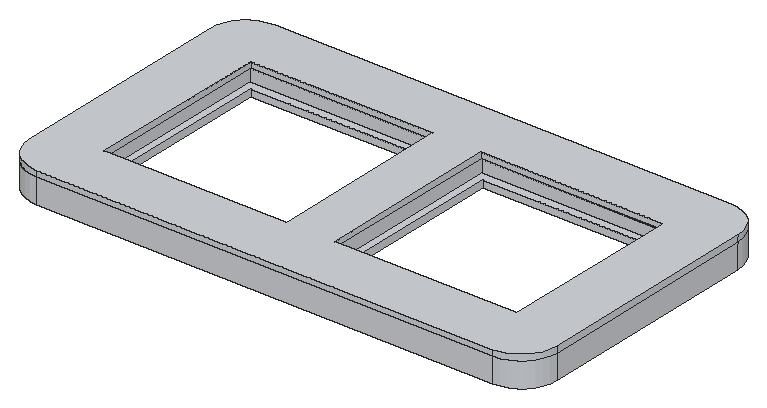
Revit family "Gira_0212416", category Electrical Fixtures, host Face, Revit 2017
Family settings
  Host = Face
  Maintain Annotation Orientation = No
  Round Connector Dimension = Use Diameter
  Part Type = Normal
  Cut with Voids When Loaded = No
  Shared = No
  Room Calculation Point = No
Parameters (values of type "Cov.fr. 2-g Gira E3 umber/p.white")
  URL = "http://katalog.gira.de/en/datenblatt.html?artikelnr=0212416"
  Transparent = "No"
  Name = "Cov.fr. 2-g Gira E3 umber/p.white"
  Manufacturer URL = "https://www.gira.de/"
  Manufacturer = "Gira"
  Keynote = ""
  HeinzeBIM = "https://bimportal.heinze.de/bim/cov-fr-2-g-gira-e3-umber-p-white/34c14b01feb8ce1e135fd2d30e3ffdfaabd96f49"
  HAN = "0212416"
  GTIN = "4010337024408"
  Description = "Cov.fr.2g E3 UmPw,Gira E3 cover frame,umber soft touch with pure white glossy intermediate frame,2-gang,Features:,- Shatter-proof.,,Notes :,- Soft-touch surface,- NCS value: approx. NCS S 7010-Y10R"
  Default Elevation = 1219.2 mm
  Data sheet (1) = "https://katalog.gira.de/en/download.html?artikelnr=0212416"
  Category = "Cover frame for domestic switching devices"
  BIM (1) = "https://media.stage.bim.site/public/gira/36a6b08/E3_Rahmen_2fach.rfa"
  Available = "No"
Reference planes
  plane 1 "Center (Front/Back)": y = 0
  plane 2: z = 0
  plane 3 "Center (Left/Right)": x = 0
Forms (mm)
  Extrusion 1, solid, detail levels fine
    sketch origin (0, 0, 0) x (1, 0, 0) y (0, 1, 0)
      loop
        arc (-70.35, 45.809) -> (-78.134, 42.585) -> (-81.359, 34.8) r 11.009
        line (-81.359, 34.8) -> (-81.359, -34.8)
        arc (-81.359, -34.8) -> (-78.134, -42.585) -> (-70.35, -45.809) r 11.009
        line (-70.35, -45.809) -> (70.35, -45.809)
        arc (70.35, -45.809) -> (78.135, -42.585) -> (81.359, -34.8) r 11.009
        line (81.359, -34.8) -> (81.359, 34.8)
        arc (81.359, 34.8) -> (78.135, 42.585) -> (70.35, 45.809) r 11.009
        line (70.35, 45.809) -> (-70.35, 45.809)
      loop
        line (-7.45, 28.187) -> (-63.706, 28.187) -> (-63.706, -28.187) -> (-7.45, -28.187) -> (-7.45, 28.187)
      loop
        line (7.45, 28.187) -> (7.45, -28.187) -> (63.706, -28.187) -> (63.706, 28.187) -> (7.45, 28.187)
    from 7.65 to 9.5
  Extrusion 2, solid, detail levels fine
    sketch origin (-35.75, 0, 0) x (1, 0, 0) y (0, 1, 0)
      loop
        line (25.7, 25.7) -> (-25.7, 25.7) -> (-25.7, -25.7) -> (25.7, -25.7) -> (25.7, 25.7)
      loop
        line (-28.187, -28.156) -> (28.187, -28.156) -> (28.187, 28.156) -> (-28.187, 28.156) -> (-28.187, -28.156)
    from 1.65 to 3.9
  Extrusion 3, solid, detail levels fine
    sketch origin (0, 0, 0) x (1, 0, 0) y (0, 1, 0)
      loop
        arc (-70.35, 45.809) -> (-78.134, 42.585) -> (-81.359, 34.8) r 11.009
        line (-81.359, 34.8) -> (-81.359, -34.8)
        arc (-81.359, -34.8) -> (-78.134, -42.585) -> (-70.35, -45.809) r 11.009
        line (-70.35, -45.809) -> (70.35, -45.809)
        arc (70.35, -45.809) -> (78.135, -42.585) -> (81.359, -34.8) r 11.009
        line (81.359, -34.8) -> (81.359, 34.8)
        arc (81.359, 34.8) -> (78.135, 42.585) -> (70.35, 45.809) r 11.009
        line (70.35, 45.809) -> (-70.35, 45.809)
      loop
        line (-79.393, 34.785) -> (-79.393, -34.785)
        arc (-79.393, -34.785) -> (-76.739, -41.19) -> (-70.334, -43.843) r 9.058
        line (-70.334, -43.843) -> (70.335, -43.843)
        arc (70.335, -43.843) -> (76.74, -41.19) -> (79.393, -34.785) r 9.058
        line (79.393, -34.785) -> (79.393, 34.785)
        arc (79.393, 34.785) -> (76.74, 41.19) -> (70.335, 43.843) r 9.058
        line (70.335, 43.843) -> (-70.334, 43.843)
        arc (-70.334, 43.843) -> (-76.739, 41.19) -> (-79.393, 34.785) r 9.058
    from 0 to 7.65
  Extrusion 4, solid, detail levels fine
    sketch origin (0, 0, 0) x (1, 0, 0) y (0, 1, 0)
      loop
        line (-62.956, -31.075) -> (62.956, -31.075)
        arc (62.956, -31.075) -> (65.599, -29.98) -> (66.694, -27.337) r 3.739
        line (66.694, -27.337) -> (66.694, 27.337)
        arc (66.694, 27.337) -> (65.599, 29.98) -> (62.956, 31.075) r 3.739
        line (62.956, 31.075) -> (-62.956, 31.075)
        arc (-62.956, 31.075) -> (-65.599, 29.98) -> (-66.694, 27.337) r 3.739
        line (-66.694, 27.337) -> (-66.694, -27.337)
        arc (-66.694, -27.337) -> (-65.599, -29.98) -> (-62.956, -31.075) r 3.739
      loop
        line (-65.544, 27.537) -> (-65.544, -27.537)
        arc (-65.544, -27.537) -> (-64.845, -29.226) -> (-63.156, -29.925) r 2.389
        line (-63.156, -29.925) -> (63.156, -29.925)
        arc (63.156, -29.925) -> (64.845, -29.226) -> (65.544, -27.537) r 2.389
        line (65.544, -27.537) -> (65.544, 27.537)
        arc (65.544, 27.537) -> (64.845, 29.226) -> (63.156, 29.925) r 2.389
        line (63.156, 29.925) -> (-63.156, 29.925)
        arc (-63.156, 29.925) -> (-64.845, 29.226) -> (-65.544, 27.537) r 2.389
    from 1.65 to 7.65
  Extrusion 5, solid, detail levels fine
    sketch origin (0, 0, 0) x (1, 0, 0) y (0, 1, 0)
      loop
        line (-67.617, -39.8) -> (67.617, -39.8)
        arc (67.617, -39.8) -> (73.232, -36.708) -> (75.464, -30.7) r 9.2
        line (75.464, -30.7) -> (75.464, 30.7)
        arc (75.464, 30.7) -> (72.77, 37.205) -> (66.264, 39.9) r 9.2
        line (66.264, 39.9) -> (-66.264, 39.9)
        arc (-66.264, 39.9) -> (-72.77, 37.205) -> (-75.464, 30.7) r 9.2
        line (-75.464, 30.7) -> (-75.464, -30.7)
        arc (-75.464, -30.7) -> (-73.232, -36.708) -> (-67.617, -39.8) r 9.2
      loop
        line (-66.264, -31.7) -> (66.264, -31.7)
        arc (66.264, -31.7) -> (66.972, -31.407) -> (67.264, -30.7) r 1
        line (67.264, -30.7) -> (67.264, 30.7)
        arc (67.264, 30.7) -> (66.972, 31.407) -> (66.264, 31.7) r 1
        line (66.264, 31.7) -> (-66.264, 31.7)
        arc (-66.264, 31.7) -> (-66.972, 31.407) -> (-67.264, 30.7) r 1
        line (-67.264, 30.7) -> (-67.264, -30.7)
        arc (-67.264, -30.7) -> (-66.972, -31.407) -> (-66.264, -31.7) r 1
    from 1.65 to 3.9
  Extrusion 6, solid, detail levels fine
    sketch origin (-35.75, 0, 0) x (1, 0, 0) y (0, 1, 0)
      loop
        line (-28.187, 28.156) -> (-28.187, -28.156) -> (28.187, -28.156) -> (28.187, 28.156) -> (-28.187, 28.156)
      loop
        line (-29.925, 29.925) -> (-29.925, -29.925) -> (29.925, -29.925) -> (29.925, 29.925) -> (-29.925, 29.925)
    from 1.65 to 7.65
  Extrusion 7, solid, detail levels coarse+medium
    sketch origin (0, 0, 0) x (1, 0, 0) y (0, 1, 0)
      loop
        line (-81.359, 45.809) -> (-81.359, -45.809) -> (81.359, -45.809) -> (81.359, 45.809) -> (-81.359, 45.809)
    from 0 to 9.5
  Extrusion 8, solid, detail levels fine
    sketch origin (35.75, 0, 0) x (-1, 0, 0) y (0, -1, 0)
      loop
        line (25.7, -25.7) -> (25.7, 25.7) -> (-25.7, 25.7) -> (-25.7, -25.7) -> (25.7, -25.7)
      loop
        line (-28.187, 28.156) -> (-28.187, -28.156) -> (28.187, -28.156) -> (28.187, 28.156) -> (-28.187, 28.156)
    from 1.65 to 3.9
  Extrusion 9, solid, detail levels fine
    sketch origin (35.75, 0, 0) x (-1, 0, 0) y (0, -1, 0)
      loop
        line (-28.187, -28.156) -> (28.187, -28.156) -> (28.187, 28.156) -> (-28.187, 28.156) -> (-28.187, -28.156)
      loop
        line (-29.925, -29.925) -> (29.925, -29.925) -> (29.925, 29.925) -> (-29.925, 29.925) -> (-29.925, -29.925)
    from 1.65 to 7.65
Dimensions and locks
  aligned and locked: plane 2 to host face
  aligned and locked: level to host face
